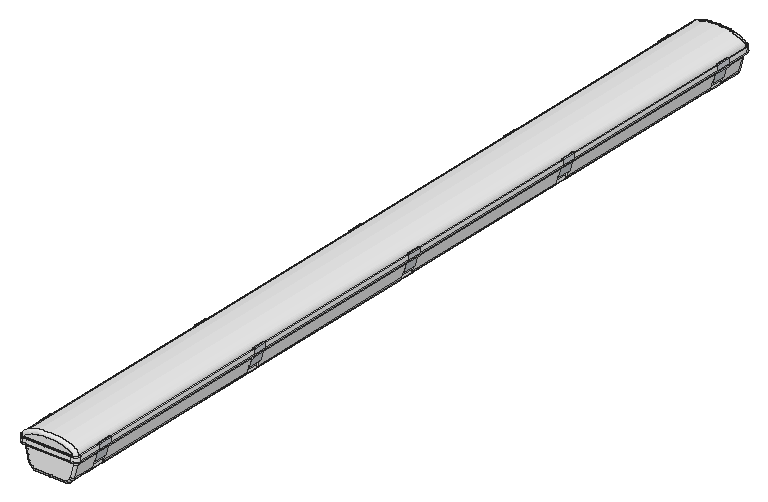
Revit family "0048669_t1500", category Lighting Fixtures, host Face, Revit 2017
Family settings
  Host = Face
  Round Connector Dimension = Use Diameter
  Part Type = Normal
  OmniClass Number = 23.80.70.11.14
  OmniClass Title = General Luminaries, Directional
  Cut with Voids When Loaded = Yes
  Light Source = Yes
  Shared = No
  Room Calculation Point = No
Parameters (values of type "0048669 ST Wtrprf T 1500 HO IP65 8300lm 865QC")
  Width = 110 mm
  Weight = "2.51 kg"
  Wattage Comments = "n/a"
  Wattage = 67 W
  WarrantyStartDate [instance] = "n/a"
  WarrantyGuarantorParts = "n/a"
  WarrantyDurationUnit = "n/a"
  WarrantyDurationParts = "n/a"
  WarrantyDescription = "n/a"
  built-in parameter 1150110 = 1 (stored number, unit not read)
  Voltage = 0 V
  URL = "http://www.sylvania-lighting.com"
  TypeName = "START Waterproof T 1500 HO IP65 8300lm 865 QC"
  Type Image = <None>
  Type Comments = "n/a"
  built-in parameter 1114217 = 1 (stored number, unit not read)
  Tilt Angle = -90.00°
  built-in parameter 1150109 = 1 (stored number, unit not read)
  built-in parameter 1150134 = 1
  built-in parameter 1150113 = 1 (stored number, unit not read)
  SerialNumber [instance] = "n/a"
  ReflectorMaterial = none
  PowerFactor = 0.99
  PowerConsumption = "67 W"
  Photometric Web File = "0048669.ies"
  NominalWidth = 0 mm
  NominalLength = 1578 mm
  NominalHeight = 78 mm
  Name = "START Waterproof T 1500 HO IP65 8300lm 865 QC"
  ModelReference = "START Waterproof T 1500 HO IP65 8300lm 865 QC"
  ModelNumber = "0048669"
  Model = "START Waterproof T 1500 HO IP65 8300lm 865 QC"
  Material = "pc polycarbonate housing, pc polycarbonate diffuser"
  ManufacturerName = "Feilo Sylvania"
  Manufacturer = "Feilo Sylvania"
  LuminousEfficacy = "124 lm/W"
  built-in parameter 1150105 = 661.13 (stored number, unit not read)
  Lumens = 8308 lm
  LuminaireType = ""
  built-in parameter 1150115 = 1 (stored number, unit not read)
  LightOutputRatio = "n/a"
  built-in parameter 1150137 = (empty or 0)
  built-in parameter 1150139 = (empty or 0)
  Length = 1572 mm
  LampsType = Lamp  # "LED"
  LampNominalLuminous = "8300 lm"
  LampMacAdamStep = "5"
  LampColourTemperature = "6500 K"
  LampColourRenderingIndex = "80"
  built-in parameter 1150112 = 1 (stored number, unit not read)
  built-in parameter 1150114 = 1 (stored number, unit not read)
  Lamp = "LED"
  Keynote = "16500"
  InstallationDate [instance] = "n/a"
  InputVoltage = "n/a"
  InputNominalFrequency = "n/a"
  built-in parameter 1150132 = (empty or 0)
  built-in parameter 1150102 = (empty or 0)
  built-in parameter 1150107 = 6500 (stored number, unit not read)
  built-in parameter 1150138 = (empty or 0)
  IngressProtection = "IP65"
  ImpactProtectionIndex = "IK08"
  built-in parameter 1150106 = 6.6113 (stored number, unit not read)
  IfcExportType = "IfcLightFixtureType"
  IfcExportAs = "IfcLightFixtureType"
  ExpectedLife = 50000
  Emit from Rectangle Width = Width - 20 mm  # 90 mm
  Emit from Rectangle Length = Length - 20 mm  # 1552 mm
  Emit Shape Visible in Rendering = no
  ElectricShockClassification = "Class I"
  built-in parameter 1150104 = 11.52 (stored number, unit not read)
  DurationUnit = "hours"
  DocumentationLiterature = "http://www.sylvania-lighting.com/product/en-int/products/0048669"
  DimmingControlOptions = "n/a"
  Dimming Lamp Color Temperature Shift = <None>
  DiffuserMaterial = Diffuser-Sylvania-Transparent
  Description = "Start Waterproof, integrated LED weatherproof luminaire, with UV stabilized flat diffuser and linear prisms designed to achieve uniform lit appearance, optimise light output and to reduce glare, stainless steel diffuser clips and fixing brackets for surface and wall mounting. Polycarbonate housing, Polycarbonate diffuser, 8300lm, 67W, 124 lm/W, 4000 K, drive current 1010 mA, non dimmable, 3 hours emergency, CRI 80, IP65, IK08, Class I, nominal average life (h): 50000, 1578mm x 110mm x 78mm, energy class: A++ A+ A, D-mark"
  Default Elevation = 1219.2 mm
  CreatedOn = "7/11/2019"
  CreatedBy = "@sylvania-lighting.com"
  Cost = 0
  Color Filter = 16777215
  built-in parameter 1114216 [instance] = (empty or 0)
  ClassificationValue = "EF_70_80"
  ClassificationName = "Uniclass2015"
  BodyMaterial = Body-Sylvania-Gray
  BarCode [instance] = "n/a"
  built-in parameter 1114218 = 1 (stored number, unit not read)
  built-in parameter 1150133 = 10 (stored number, unit not read)
  AssetType = "Fixed"
  AssetIdentifier [instance] = "n/a"
  Assembly Code = "D5020200"
  Apparent Load = 67 VA
  AccessoryMaterial = Diffuser-Sylvania-Glow
Reference planes
  plane 1 "Center (Front/Back)": y = 0
  plane 2: z = 0
  plane 3 "Center (Left/Right)": x = 0
  plane 4: z = 54
  plane 5: x = -27.7
  plane 6: x = -34.8
  plane 7: x = -39.6
  plane 8: x = -42.2
  plane 9: z = 3
  plane 10: z = 7.8
  plane 11: z = 12.3
  plane 12: z = 36.6
  plane 13: z = 42.8
  plane 14: x = -51.1
  plane 15: z = 46.2
  plane 16: x = -55
  plane 17: y = 786
  plane 18: y = -786
  plane 19: x = 27.7
  plane 20: x = 34.8
  plane 21: x = 39.6
  plane 22: x = 42.2
  plane 23: x = 51.1
  plane 24: x = 55
  plane 25: y = 778.4
  plane 26: y = -778.4
  plane 27: y = -774.7
  plane 28: y = 774.7
  plane 29: z = 74
  plane 30: x = -51.5
  plane 31: x = 51.5
  plane 32: z = 55.2
  plane 33: y = -782.5
  plane 34: y = 782.5
  plane 35: x = -37.5
  plane 36: x = 37.5
  plane 37: x = -48.7
  plane 38: x = 48.7
  plane 39: x = 18
  plane 40: x = -18
  plane 41: z = 50.2
  plane 42: z = 24.6
  plane 43: y = 720
  plane 44: y = 706
  plane 45: y = 734
  plane 46: y = -720
  plane 47: y = 720
  plane 48: y = 706
  plane 49: y = 734
  plane 50: y = -720
  plane 51: y = -734
  plane 52: y = -706
  plane 53: y = 360
  plane 54: y = 346
  plane 55: y = 374
  plane 56: y = 0
  plane 57: y = -14
  plane 58: y = 14
  plane 59: y = -360
  plane 60: y = -374
  plane 61: y = -346
Forms (mm)
  Sweep 1, solid, material "Body-Sylvania-Gray" <- "BodyMaterial", detail levels medium+fine
    path origin (1223.4, -4572, 54) x (0, -1, 0) y (1, 0, 0)
      loop
        arc (-3796, -1278.4) -> (-3788.929, -1275.471) -> (-3786, -1268.4) r 10
        line (-3786, -1268.4) -> (-3786, -1178.4)
        arc (-3786, -1178.4) -> (-3788.929, -1171.329) -> (-3796, -1168.4) r 10
        line (-3796, -1168.4) -> (-5348, -1168.4)
        arc (-5348, -1168.4) -> (-5355.071, -1171.329) -> (-5358, -1178.4) r 10
        line (-5358, -1178.4) -> (-5358, -1268.4)
        arc (-5358, -1268.4) -> (-5355.071, -1275.471) -> (-5348, -1278.4) r 10
        line (-5348, -1278.4) -> (-3796, -1278.4)
    profile origin (-55, 0, 54) x (-1, 0, 0) y (0, 0, 1)
      loop
        line (0, 0) -> (-1, 0) -> (-1, -7.726)
        arc (-1, -7.726) -> (-1.994, -9.498) -> (-3.9, -10.2) r 2.937
        line (-3.9, -10.2) -> (-8.571, -10.2) -> (-8.571, -11.2) -> (-3.9, -11.2)
        arc (-3.9, -11.2) -> (-1.313, -10.231) -> (0, -7.8) r 3.937
        line (0, -7.8) -> (0, 0)
  Sweep 2, solid, material "Body-Sylvania-Gray" <- "BodyMaterial", detail levels medium+fine
    path origin (0, 0, 0) x (1, 0, 0) y (0, 0, 1)
      loop
        line (48.7, 42.8) -> (48.7, 36.6) -> (42.203, 12.31)
        arc (42.203, 12.31) -> (41.199, 9.884) -> (39.6, 7.8) r 10.052
        line (39.6, 7.8) -> (34.8, 3)
        arc (34.8, 3) -> (31.554, 0.781) -> (27.7, 0) r 9.902
        line (27.7, 0) -> (0, 0) -> (-27.7, 0)
        arc (-27.7, 0) -> (-31.554, 0.781) -> (-34.8, 3) r 9.902
        line (-34.8, 3) -> (-39.6, 7.8)
        arc (-39.6, 7.8) -> (-41.199, 9.884) -> (-42.203, 12.31) r 10.052
        line (-42.203, 12.31) -> (-48.7, 36.6) -> (-48.7, 42.8)
    profile origin (0, 0, 0) x (0, 0, -1) y (0, -1, 0)
      loop
        arc (0, 773.4) -> (-1.464, 776.936) -> (-5, 778.4) r 5
        line (-5, 778.4) -> (-7.8, 778.4) -> (-7.8, -778.4) -> (-5, -778.4)
        arc (-5, -778.4) -> (-1.464, -776.936) -> (0, -773.4) r 5
        line (0, -773.4) -> (0, 773.4)
  Extrusion 3, solid, material "Body-Sylvania-Gray" <- "BodyMaterial", detail levels medium+fine
    sketch origin (1524, 778.4, 1219.2) x (1, 0, 0) y (0, 0, 1)
      loop
        arc (-1558.668, -1204.874) -> (-1558.443, -1205.418) -> (-1558.085, -1205.885) r 2.252
        line (-1558.085, -1205.885) -> (-1553.231, -1210.738)
        arc (-1553.231, -1210.738) -> (-1552.534, -1211.227) -> (-1551.7, -1211.4) r 2.102
        line (-1551.7, -1211.4) -> (-1496.3, -1211.4)
        arc (-1496.3, -1211.4) -> (-1495.466, -1211.227) -> (-1494.769, -1210.738) r 2.102
        line (-1494.769, -1210.738) -> (-1489.915, -1205.885)
        arc (-1489.915, -1205.885) -> (-1489.557, -1205.418) -> (-1489.332, -1204.874) r 2.252
        line (-1489.332, -1204.874) -> (-1483.1, -1181.575) -> (-1483.1, -1176.4) -> (-1564.9, -1176.4) -> (-1564.9, -1181.575) -> (-1558.668, -1204.874)
    from 0 to 1556.8
  Sweep 4, solid, material "Diffuser-Sylvania-Transparent" <- "DiffuserMaterial", detail levels medium+fine
    path origin (0, 0, 0) x (1, 0, 0) y (0, 0, 1)
      loop
        spline (-51.5, 55.2) -> (-49.745, 60.066) -> (-44.6, 64.6) -> (-36.416, 68.494) -> (-25.75, 71.481) -> (-13.329, 73.359) -> (0, 74) -> (13.329, 73.359) -> (25.75, 71.481) -> (36.416, 68.494) -> (44.6, 64.6) -> (49.745, 60.066) -> (51.5, 55.2)
    profile origin (51.5, 0, 55.2) x (0, -1, 0) y (1, 0, 0)
      loop
        arc (782.5, -5.5) -> (780.889, -1.611) -> (777, 0) r 5.5
        line (777, 0) -> (-777, 0)
        arc (-777, 0) -> (-780.889, -1.611) -> (-782.5, -5.5) r 5.5
        line (-782.5, -5.5) -> (-782.5, -6.3) -> (-781.5, -6.3) -> (-781.5, -5.5)
        arc (-781.5, -5.5) -> (-780.182, -2.318) -> (-777, -1) r 4.5
        line (-777, -1) -> (777, -1)
        arc (777, -1) -> (780.182, -2.318) -> (781.5, -5.5) r 4.5
        line (781.5, -5.5) -> (781.5, -6.347) -> (782.5, -6.347) -> (782.5, -5.5)
  Extrusion 5, solid, material "Diffuser-Sylvania-Transparent" <- "DiffuserMaterial", detail levels medium+fine
    sketch origin (1524, -782.5, 1219.2) x (1, 0, 0) y (0, 0, 1)
      loop
        line (-1569.653, -1164) -> (-1478.347, -1164)
        spline (-1478.347, -1164) -> (-1478.969, -1162.594) -> (-1482.527, -1159.545) -> (-1489.588, -1156.201) -> (-1499.458, -1153.445) -> (-1511.242, -1151.663) -> (-1524, -1151.049) -> (-1536.758, -1151.663) -> (-1548.542, -1153.445) -> (-1558.412, -1156.201) -> (-1565.473, -1159.545) -> (-1569.031, -1162.594) -> (-1569.653, -1164)
    from 0 to -1
  Extrusion 6, solid, material "Diffuser-Sylvania-Transparent" <- "DiffuserMaterial", detail levels medium+fine
    sketch origin (1524, 782.5, 1219.2) x (1, 0, 0) y (0, 0, 1)
      loop
        spline (-1478.3, -1164) -> (-1478.931, -1162.565) -> (-1482.502, -1159.505) -> (-1489.572, -1156.155) -> (-1499.446, -1153.394) -> (-1511.236, -1151.614) -> (-1524, -1151.007) -> (-1536.764, -1151.614) -> (-1548.554, -1153.394) -> (-1558.428, -1156.155) -> (-1565.498, -1159.505) -> (-1569.069, -1162.565) -> (-1569.7, -1164)
        line (-1569.7, -1164) -> (-1478.3, -1164)
    from 0 to 1
  Extrusion 7, solid, material "Diffuser-Sylvania-Transparent" <- "DiffuserMaterial", detail levels medium+fine
    sketch origin (1223.4, -4572, 55.2) x (0, -1, 0) y (-1, 0, 0)
      loop
        arc (-5353.5, 1177.4) -> (-5352.182, 1174.218) -> (-5349, 1172.9) r 4.5
        line (-5349, 1172.9) -> (-3795, 1172.9)
        arc (-3795, 1172.9) -> (-3791.818, 1174.218) -> (-3790.5, 1177.4) r 4.5
        line (-3790.5, 1177.4) -> (-3790.5, 1269.4)
        arc (-3790.5, 1269.4) -> (-3791.818, 1272.582) -> (-3795, 1273.9) r 4.5
        line (-3795, 1273.9) -> (-5349, 1273.9)
        arc (-5349, 1273.9) -> (-5352.182, 1272.582) -> (-5353.5, 1269.4) r 4.5
        line (-5353.5, 1269.4) -> (-5353.5, 1177.4)
      loop
        line (-5358, 1268.4) -> (-5358, 1178.4)
        arc (-5358, 1178.4) -> (-5355.071, 1171.329) -> (-5348, 1168.4) r 10
        line (-5348, 1168.4) -> (-3796, 1168.4)
        arc (-3796, 1168.4) -> (-3788.929, 1171.329) -> (-3786, 1178.4) r 10
        line (-3786, 1178.4) -> (-3786, 1268.4)
        arc (-3786, 1268.4) -> (-3788.929, 1275.471) -> (-3796, 1278.4) r 10
        line (-3796, 1278.4) -> (-5348, 1278.4)
        arc (-5348, 1278.4) -> (-5355.071, 1275.471) -> (-5358, 1268.4) r 10
    from 0 to 1.2
  Extrusion 8, solid, material "Diffuser-Sylvania-Glow" <- "AccessoryMaterial", detail levels fine
    sketch origin (0, 0, 0) x (1, 0, 0) y (0, 0, 1)
      loop
        circle (-18, 50.2) r 8
      loop
        circle (18, 50.2) r 8
    from -774.7 to 774.7
  Extrusion 9, void
    sketch origin (0, 720, 2343.807) x (0, 0, -1) y (-1, 0, 0)
      loop
        line (2340.807, -37.5) -> (2331.507, -37.5) -> (2319.207, -42.2) -> (2319.207, -48.7) -> (2340.807, -48.7) -> (2340.807, -37.5)
      loop
        line (2340.807, 37.5) -> (2340.807, 48.7) -> (2319.207, 48.7) -> (2319.207, 42.2) -> (2331.507, 37.5) -> (2340.807, 37.5)
    from -14 to 14
  Extrusion 10, solid, material "Body-Sylvania-Gray" <- "BodyMaterial", detail levels coarse
    sketch origin (0, 0, 0) x (1, 0, 0) y (0, 0, 1)
      loop
        line (55, 42.8) -> (55, 55.2) -> (-55, 55.2) -> (-55, 42.791) -> (-42.2, 0) -> (42.2, 0) -> (55, 42.8)
    from -786 to 786
  Extrusion 11, solid, material "Diffuser-Sylvania-Transparent" <- "DiffuserMaterial", detail levels coarse
    sketch origin (0, 0, 0) x (1, 0, 0) y (0, 0, 1)
      loop
        arc (51.5, 55.2) -> (0, 74) -> (-51.5, 55.2) r 79.939
        line (-51.5, 55.2) -> (51.5, 55.2)
    from 778.4 to -778.4
  Extrusion 12, void, not visible
    sketch origin (0, 720, 2343.807) x (0, 0, -1) y (-1, 0, 0)
      loop
        line (2340.807, -37.5) -> (2331.507, -37.5) -> (2319.207, -42.2) -> (2319.207, -48.7) -> (2340.807, -48.7) -> (2340.807, -37.5)
      loop
        line (2340.807, 37.5) -> (2340.807, 48.7) -> (2319.207, 48.7) -> (2319.207, 42.2) -> (2331.507, 37.5) -> (2340.807, 37.5)
    from -14 to 14
  Extrusion 13, void
    sketch origin (0, -720, 2343.807) x (0, 0, -1) y (-1, 0, 0)
      loop
        line (2340.807, -37.5) -> (2331.507, -37.5) -> (2319.207, -42.2) -> (2319.207, -48.7) -> (2340.807, -48.7) -> (2340.807, -37.5)
      loop
        line (2340.807, 37.5) -> (2340.807, 48.7) -> (2319.207, 48.7) -> (2319.207, 42.2) -> (2331.507, 37.5) -> (2340.807, 37.5)
    from -14 to 14
  Extrusion 14, void
    sketch origin (0, 360, 2343.807) x (0, 0, -1) y (-1, 0, 0)
      loop
        line (2340.807, -37.5) -> (2331.507, -37.5) -> (2319.207, -42.2) -> (2319.207, -48.7) -> (2340.807, -48.7) -> (2340.807, -37.5)
      loop
        line (2340.807, 37.5) -> (2340.807, 48.7) -> (2319.207, 48.7) -> (2319.207, 42.2) -> (2331.507, 37.5) -> (2340.807, 37.5)
    from -14 to 14
  Extrusion 15, void
    sketch origin (0, 0, 2343.807) x (0, 0, -1) y (-1, 0, 0)
      loop
        line (2340.807, -37.5) -> (2331.507, -37.5) -> (2319.207, -42.2) -> (2319.207, -48.7) -> (2340.807, -48.7) -> (2340.807, -37.5)
      loop
        line (2340.807, 37.5) -> (2340.807, 48.7) -> (2319.207, 48.7) -> (2319.207, 42.2) -> (2331.507, 37.5) -> (2340.807, 37.5)
    from -14 to 14
  Extrusion 16, void
    sketch origin (0, -360, 2343.807) x (0, 0, -1) y (-1, 0, 0)
      loop
        line (2340.807, -37.5) -> (2331.507, -37.5) -> (2319.207, -42.2) -> (2319.207, -48.7) -> (2340.807, -48.7) -> (2340.807, -37.5)
      loop
        line (2340.807, 37.5) -> (2340.807, 48.7) -> (2319.207, 48.7) -> (2319.207, 42.2) -> (2331.507, 37.5) -> (2340.807, 37.5)
    from -14 to 14
Cuts and joins
  Extrusion 9, Extrusion 13, Extrusion 14, Extrusion 15, Extrusion 16 cuts Sweep 2
  Extrusion 13, Extrusion 14, Extrusion 15, Extrusion 16 cuts Extrusion 3
  joined: Sweep 2, Extrusion 3
  joined: Sweep 4, Extrusion 5, Extrusion 6
Dimensions and locks
  locked: plane 4 to plane 2 at 54
  plane 5 to plane 6 to plane 7 to plane 8 to plane 14 to plane 16 = 7.1 mm locked, 4.8 mm locked, 2.6 mm locked, 8.9 mm, 3.9 mm
  plane 4 to plane 15 to plane 13 to plane 12 to plane 11 to plane 10 to plane 9 = 7.8 mm locked, 3.4 mm, 6.2 mm locked, 24.3 mm locked, 4.5 mm locked, 4.8 mm locked
  equal spacing: plane 18, plane 1 "Center (Front/Back)", plane 17
  "Length": plane 18 to plane 17
  plane 19 to plane 20 to plane 21 to plane 22 to plane 23 to plane 24 = 7.1 mm locked, 4.8 mm locked, 2.6 mm locked, 8.9 mm, 3.9 mm
  equal spacing: plane 24, plane 3 "Center (Left/Right)", plane 16
  "Width": plane 24 to plane 16
  equal spacing: plane 27, plane 1 "Center (Front/Back)", plane 28
  locked: plane 26 to plane 27 at 3.7
  locked: Sweep 1 sketch curve to profile plane at 1
  locked: Sweep 1 sketch curve to plane 13 at 1
  locked: Sweep 1 sketch curve to plane 13 at 3.937  (x2)
  locked: Sweep 1 sketch curve to profile plane at 3.9  (x2)
  locked: plane 29 to plane 4 at 20
  equal spacing: plane 31, plane 3 "Center (Left/Right)", plane 30
  locked: plane 30 to plane 16 at 3.5
  locked: plane 32 to plane 4 at 1.2
  equal spacing: plane 33, plane 1 "Center (Front/Back)", plane 34
  equal spacing: plane 36, plane 3 "Center (Left/Right)", plane 35
  locked: plane 3 "Center (Left/Right)" to plane 35 at 37.5
  locked: plane 34 to plane 17 at 3.5
  equal spacing: plane 38, plane 3 "Center (Left/Right)", plane 37
  locked: plane 37 to plane 16 at 6.3
  equal spacing: plane 25, plane 1 "Center (Front/Back)", plane 26
  locked: plane 17 to plane 25 at 7.6
  locked: Sweep 2 sketch curve to plane 2 at 5  (x2)
  locked: Sweep 2 sketch curve to plane 26 at 5
  locked: plane 25 to Sweep 2 sketch curve at 5
  locked: Sweep 4 sketch curve to plane 31 at 5.5  (x2)
  locked: Sweep 4 sketch curve to plane 34 at 5.5
  plane 33 to Sweep 4 sketch curve = 5.5 mm
  locked: plane 34 to Sweep 4 sketch curve at 1
  locked: Sweep 4 sketch curve to plane 31 at 1
  locked: Sweep 4 sketch curve to Sweep 4 sketch curve at 1
  locked: Sweep 4 sketch curve to plane 31 at 6.347
  locked: Sweep 4 sketch curve to plane 31 at 6.3
  equal spacing: plane 39, plane 3 "Center (Left/Right)", plane 40
  locked: plane 3 "Center (Left/Right)" to plane 40 at 18
  locked: plane 42 to plane 2 at 24.6
  plane 45 to plane 43 to plane 44 = 14 mm locked, 14 mm locked
  locked: plane 17 to plane 43 at 66
  equal spacing: plane 43, plane 1 "Center (Front/Back)", plane 46
  plane 49 to plane 47 to plane 48 = 14 mm locked, 14 mm locked
  plane 52 to plane 50 to plane 51 = 14 mm locked, 14 mm locked  (x2)
  equal spacing: group 1, group 6, group 7, group 8, group 5  (x2)
  equal spacing: group 5, group 8, group 7, group 6, group 1
  plane 55 to plane 53 to plane 54 = 14 mm locked, 14 mm locked  (x2)
  plane 58 to plane 56 to plane 57 = 14 mm locked, 14 mm locked  (x2)
  plane 61 to plane 59 to plane 60 = 14 mm locked, 14 mm locked  (x2)
  plane 43 to plane 53 to plane 1 "Center (Front/Back)" to plane 59 to plane 50 = 360 mm locked, 360 mm locked, 360 mm locked, 360 mm locked
  aligned and locked: plane 2 to host face
  aligned and locked: level to host face
  aligned and locked: plane 16 to Sweep 1 sketch curve
  aligned and locked: Sweep 1 sketch curve to plane 24
  aligned and locked: plane 18 to Sweep 1 sketch curve
  aligned and locked: Sweep 1 sketch curve to plane 13
  aligned and locked: profile plane to Sweep 1 sketch curve
  aligned and locked: plane 3 "Center (Left/Right)" to Sweep 2 sketch curve
  aligned and locked: plane 9 to Sweep 2 sketch curve
  aligned and locked: plane 10 to Sweep 2 sketch curve
  aligned and locked: plane 37 to Sweep 2 sketch curve
  aligned and locked: plane 12 to Sweep 2 sketch curve
  aligned and locked: Sweep 2 sketch curve to level
  aligned and locked: plane 21 to Sweep 2 sketch curve
  aligned and locked: plane 38 to Sweep 2 sketch curve
  aligned and locked: profile plane to Sweep 2 sketch curve
  aligned and locked: plane 25 to Sweep 2 sketch curve
  aligned and locked: Sweep 2 sketch curve to plane 10
  aligned and locked: Extrusion 3 sketch curve to Sweep 2  (x7)
  aligned and locked: Sweep 2 to Extrusion 3 sketch curve
  aligned and locked: Extrusion 3 to plane 25
  aligned and locked: plane 26 to Extrusion 3
  aligned and locked: plane 32 to Sweep 4 sketch curve
  aligned and locked: plane 33 to Sweep 4 sketch curve
  aligned and locked: Sweep 4 to Extrusion 5
  aligned and locked: plane 33 to Extrusion 5
  aligned and locked: Extrusion 5 sketch curve to Sweep 4
  aligned and locked: cut or joined group of Sweep 4, Extrusion 5, Extrusion 6 to Extrusion 6 sketch curve
  aligned and locked: Extrusion 7 sketch curve to cut or joined group of Sweep 4, Extrusion 5, Extrusion 6  (x2)
  aligned and locked: cut or joined group of Sweep 4, Extrusion 5, Extrusion 6 to Extrusion 7 sketch curve  (x2)
  aligned and locked: plane 41 to Extrusion 8 sketch curve  (x2)
  aligned and locked: plane 39 to Extrusion 8 sketch curve
  aligned and locked: plane 27 to Extrusion 8
  aligned and locked: Extrusion 8 to plane 28
  aligned and locked: Extrusion 9 to plane 42
  aligned and locked: plane 9 to Extrusion 9
  aligned and locked: plane 44 to Extrusion 9
  aligned and locked: Extrusion 9 to plane 45
  aligned and locked: Extrusion 7 sketch curve to Sweep 1  (x4)
  aligned and locked: plane 4 to Extrusion 7
  aligned and locked: Extrusion 7 to plane 32
  aligned and locked: nested 2 to plane 43
  aligned and locked: plane 43 to nested 1
  aligned and locked: Extrusion 10 sketch curve to plane 24
  aligned and locked: Extrusion 10 sketch curve to Extrusion 7
  aligned and locked: plane 8 to Extrusion 10 sketch curve
  aligned and locked: plane 22 to Extrusion 10 sketch curve
  aligned and locked: level to Extrusion 10 sketch curve
  aligned and locked: Extrusion 10 to plane 17
  aligned and locked: plane 18 to Extrusion 10
  aligned and locked: cut or joined group of Sweep 4, Extrusion 5, Extrusion 6 to Extrusion 11 sketch curve
  aligned and locked: Extrusion 11 sketch curve to cut or joined group of Sweep 4, Extrusion 5, Extrusion 6  (x2)
  aligned and locked: plane 31 to Extrusion 11 sketch curve
  aligned and locked: plane 30 to Extrusion 11 sketch curve
  aligned and locked: plane 26 to Extrusion 11
  aligned and locked: Extrusion 11 to plane 25
  aligned and locked: imposter light to plane 29
  aligned and locked: plane 3 "Center (Left/Right)" to imposter light
  aligned and locked: plane 1 "Center (Front/Back)" to imposter light
  aligned and locked: plane 51 to Extrusion 13
  aligned and locked: Extrusion 13 to plane 52
  aligned and locked: plane 54 to Extrusion 14
  aligned and locked: Extrusion 14 to plane 55
  aligned and locked: plane 57 to Extrusion 15
  aligned and locked: Extrusion 15 to plane 58
  aligned and locked: plane 60 to Extrusion 16
  aligned and locked: Extrusion 16 to plane 61
  aligned and locked: nested 3 to plane 53
  aligned and locked: plane 53 to nested 10
  aligned and locked: nested 4 to plane 56
  aligned and locked: plane 56 to nested 9
  aligned and locked: nested 5 to plane 59
  aligned and locked: plane 59 to nested 8
  aligned and locked: nested 6 to plane 50
  aligned and locked: plane 50 to nested 7
Automatic sketch dimensions
  host sketch curve to host sketch curve = 2438.4 mm  (x2)
  plane 17 to Sweep 1 sketch curve = 0 mm
  Sweep 1 sketch curve to plane 28 = 1.3 mm
  Sweep 1 sketch curve to plane 7 = 5.4 mm
  plane 27 to Sweep 1 sketch curve = 1.3 mm  (x2)
  Sweep 1 sketch curve to Sweep 1 sketch curve = 4.671 mm
  Sweep 1 sketch curve to plane 4 = 0 mm
  Sweep 2 sketch curve to plane 7 = 0 mm
  Sweep 2 sketch curve to plane 6 = 0 mm
  Sweep 2 sketch curve to plane 5 = 0 mm
  plane 19 to Sweep 2 sketch curve = 0 mm
  Sweep 2 sketch curve to plane 9 = 0 mm
  plane 20 to Sweep 2 sketch curve = 0 mm
  Sweep 2 sketch curve to plane 12 = 0 mm
  Sweep 2 sketch curve to plane 10 = 0 mm
  Sweep 2 sketch curve to plane 13 = 0 mm  (x2)
  Sweep 2 sketch curve to plane 8 = 0.003 mm
  plane 6 to Sweep 2 sketch curve = 2.308 mm
  plane 20 to Sweep 2 sketch curve = 2.308 mm
  Sweep 2 sketch curve to plane 22 = 0.003 mm
  Sweep 2 sketch curve to plane 11 = 0.01 mm  (x2)
  Extrusion 3 sketch curve to plane 5 = 0 mm
  plane 19 to Extrusion 3 sketch curve = 0 mm
  plane 6 to Extrusion 3 sketch curve = 0.132 mm
  plane 6 to Extrusion 3 sketch curve = 0.715 mm
  Extrusion 3 sketch curve to Extrusion 3 sketch curve = 1.592 mm
  Extrusion 3 sketch curve to plane 10 = 0.662 mm  (x2)
  plane 20 to Extrusion 3 sketch curve = 2.308 mm
  plane 20 to Extrusion 3 sketch curve = 0.715 mm
  plane 20 to Extrusion 3 sketch curve = 0.132 mm
  Sweep 4 sketch curve to plane 30 = 0 mm
  Sweep 4 sketch curve to plane 3 "Center (Left/Right)" = 0 mm
  Sweep 4 sketch curve to Sweep 4 sketch curve = 0 mm  (x2)
  plane 37 to Extrusion 5 sketch curve = 3.047 mm
  Extrusion 5 sketch curve to plane 38 = 3.047 mm
  plane 37 to Extrusion 6 sketch curve = 3 mm
  Extrusion 6 sketch curve to plane 38 = 3 mm
  plane 25 to Extrusion 7 sketch curve = 1.4 mm  (x2)
  Extrusion 7 sketch curve to plane 26 = 1.4 mm  (x2)
  Extrusion 8 sketch curve to plane 40 = 0 mm
  Extrusion 9 sketch curve to Extrusion 9 sketch curve = 0 mm
  Extrusion 9 sketch curve to Extrusion 9 sketch curve = 12.3 mm  (x2)
  Extrusion 9 sketch curve to Extrusion 9 sketch curve = 9.3 mm  (x2)
  Extrusion 9 sketch curve to Extrusion 9 sketch curve = 6.5 mm
  Extrusion 9 sketch curve to Extrusion 9 sketch curve = 4.7 mm  (x2)
  Extrusion 9 sketch curve to Extrusion 9 sketch curve = 75 mm
  Extrusion 9 sketch curve to Extrusion 9 sketch curve = 11.2 mm
  Extrusion 10 sketch curve to plane 13 = 0 mm
  plane 13 to Extrusion 10 sketch curve = 0.009 mm
  Extrusion 11 sketch curve to level = 5.939 mm
  Extrusion 10 sketch curve to plane 16 = 0 mm
  Extrusion 12 sketch curve to Extrusion 12 sketch curve = 0 mm
  Extrusion 12 sketch curve to Extrusion 12 sketch curve = 12.3 mm  (x2)
  Extrusion 12 sketch curve to Extrusion 12 sketch curve = 9.3 mm  (x2)
  Extrusion 12 sketch curve to Extrusion 12 sketch curve = 6.5 mm
  Extrusion 12 sketch curve to Extrusion 12 sketch curve = 4.7 mm  (x2)
  Extrusion 12 sketch curve to Extrusion 12 sketch curve = 75 mm
  Extrusion 12 sketch curve to Extrusion 12 sketch curve = 11.2 mm
  Extrusion 13 sketch curve to Extrusion 13 sketch curve = 0 mm
  Extrusion 13 sketch curve to Extrusion 13 sketch curve = 12.3 mm  (x2)
  Extrusion 13 sketch curve to Extrusion 13 sketch curve = 9.3 mm  (x2)
  Extrusion 13 sketch curve to Extrusion 13 sketch curve = 6.5 mm
  Extrusion 13 sketch curve to Extrusion 13 sketch curve = 4.7 mm  (x2)
  Extrusion 13 sketch curve to Extrusion 13 sketch curve = 75 mm
  Extrusion 13 sketch curve to Extrusion 13 sketch curve = 11.2 mm
  Extrusion 14 sketch curve to Extrusion 14 sketch curve = 0 mm
  Extrusion 14 sketch curve to Extrusion 14 sketch curve = 12.3 mm  (x2)
  Extrusion 14 sketch curve to Extrusion 14 sketch curve = 9.3 mm  (x2)
  Extrusion 14 sketch curve to Extrusion 14 sketch curve = 6.5 mm
  Extrusion 14 sketch curve to Extrusion 14 sketch curve = 4.7 mm  (x2)
  Extrusion 14 sketch curve to Extrusion 14 sketch curve = 75 mm
  Extrusion 14 sketch curve to Extrusion 14 sketch curve = 11.2 mm
  Extrusion 15 sketch curve to Extrusion 15 sketch curve = 0 mm
  Extrusion 15 sketch curve to Extrusion 15 sketch curve = 12.3 mm  (x2)
  Extrusion 15 sketch curve to Extrusion 15 sketch curve = 9.3 mm  (x2)
  Extrusion 15 sketch curve to Extrusion 15 sketch curve = 6.5 mm
  Extrusion 15 sketch curve to Extrusion 15 sketch curve = 4.7 mm  (x2)
  Extrusion 15 sketch curve to Extrusion 15 sketch curve = 75 mm
  Extrusion 15 sketch curve to Extrusion 15 sketch curve = 11.2 mm
  Extrusion 16 sketch curve to Extrusion 16 sketch curve = 0 mm
  Extrusion 16 sketch curve to Extrusion 16 sketch curve = 12.3 mm  (x2)
  Extrusion 16 sketch curve to Extrusion 16 sketch curve = 9.3 mm  (x2)
  Extrusion 16 sketch curve to Extrusion 16 sketch curve = 6.5 mm
  Extrusion 16 sketch curve to Extrusion 16 sketch curve = 4.7 mm  (x2)
  Extrusion 16 sketch curve to Extrusion 16 sketch curve = 75 mm
  Extrusion 16 sketch curve to Extrusion 16 sketch curve = 11.2 mm
  radius of Extrusion 8 sketch curve = 8 mm  (x2)
Nested families
  nested 1: "Clip" at (42.2, 720, 24.6), type "Clip", detail levels fine
  nested 2: "Clip" at (-42.2, 720, 24.6) x (-1, 0, 0) z (0, 0, 1), type "Clip", detail levels fine
  nested 3: "Clip" at (-42.2, 360, 24.6) x (-1, 0, 0) z (0, 0, 1), type "Clip", detail levels fine
  nested 4: "Clip" at (-42.2, 0, 24.6) x (-1, 0, 0) z (0, 0, 1), type "Clip", detail levels fine
  nested 5: "Clip" at (-42.2, -360, 24.6) x (-1, 0, 0) z (0, 0, 1), type "Clip", detail levels fine
  nested 6: "Clip" at (-42.2, -720, 24.6) x (-1, 0, 0) z (0, 0, 1), type "Clip", detail levels fine
  nested 7: "Clip" at (42.2, -720, 24.6), type "Clip", detail levels fine
  nested 8: "Clip" at (42.2, -360, 24.6), type "Clip", detail levels fine
  nested 9: "Clip" at (42.2, 0, 24.6), type "Clip", detail levels fine
  nested 10: "Clip" at (42.2, 360, 24.6), type "Clip", detail levels fine
Connectors
  electrical at (0, 0, 0), driven by "Apparent Load"
    settings: index 1, voltage 230 V, apparent load 67 VA, apparent load phase1 0 VA, apparent load phase2 0 VA, apparent load phase3 0 VA, power factor 0, load classification "Lighting", number of poles 1, system type 30, power factor state 1, is connector primary yes, connector utility no, sub classification motor no, connector description ""
Definition of nested family "Clip"
  Parameters (values of type "Clip")
    URL = "http://www.feilosylvania.com"
    Type Comments = "n/a"
    Model = "n/a"
    Manufacturer = "Feilo Sylvania"
    Keynote = "n/a"
    Description = "n/a"
    Default Elevation = 1219.2 mm
    Cost = 0
    BodyMaterial = none
    Assembly Code = "n/a"
  Reference planes
    plane 1 "Center (Front/Back)": y = 0
    plane 2: z = 0
    plane 3 "Center (Left/Right)": x = 0
    plane 4: x = 3.3
    plane 5: x = 6.5
    plane 6: x = 8.9
    plane 7: x = 12.8
    plane 8: z = 12
    plane 9: z = 18.2
    plane 10: z = 21.6
    plane 11: z = 30.6
    plane 12: x = 9.3
    plane 13: z = 19.2
    plane 14: z = 16.2
    plane 15: x = 10.1
    plane 16: y = 12
    plane 17: y = -12
  Forms (mm)
    Extrusion 1, solid
      sketch origin (-0.8, 0, 0) x (1, 0, 0) y (0, 1, 0)
        loop
          line (-1219.2, 1219.2) -> (-1219.2, -1219.2) -> (1219.2, -1219.2) -> (1219.2, 1219.2) -> (-1219.2, 1219.2)
      from 0 to -304.8
    Extrusion 2, solid
      sketch origin (0, 0, 0) x (1, 0, 0) y (0, 0, 1)
        loop
          line (8.9, 16.2) -> (4.58, 0) -> (0, 0) -> (0, -0.8) -> (5.195, -0.8) -> (9.603, 15.731) -> (13.6, 18.806) -> (13.6, 30.6)
          arc (13.6, 30.6) -> (11.45, 32.75) -> (9.3, 30.6) r 2.15
          line (9.3, 30.6) -> (10.1, 30.6)
          arc (10.1, 30.6) -> (11.45, 31.95) -> (12.8, 30.6) r 1.35
          line (12.8, 30.6) -> (12.8, 19.2) -> (8.9, 16.2)
      from -12 to 12
  Lines and regions (mm)
    reference lines
      curve 1: line (3.3, 0, 0) -> (6.5, 0, 12)
      curve 2: arc (8.9, 0, 18.2) -> (11.488, 0, 19.169) -> (12.8, 0, 21.6) r 3.934
  Dimensions and locks
    plane 7 to plane 6 to plane 5 to plane 4 to plane 3 "Center (Left/Right)" = 3.9 mm locked, 2.4 mm locked, 3.2 mm locked, 3.3 mm locked
    plane 11 to plane 10 to plane 9 to plane 8 to plane 2 = 9 mm locked, 3.4 mm locked, 6.2 mm locked, 12 mm locked
    locked: plane 7 to plane 12 at 3.5
    locked: plane 13 to plane 9 at 1
    locked: plane 9 to plane 14 at 2
    locked: plane 15 to plane 12 at 0.8
    locked: plane 2 to Extrusion 2 sketch curve at 0.8
    locked: Extrusion 2 sketch curve to Extrusion 2 sketch curve at 0.8  (x3)
    locked: plane 7 to Extrusion 2 sketch curve at 1.35
    equal spacing: plane 17, plane 1 "Center (Front/Back)", plane 16
    locked: plane 1 "Center (Front/Back)" to plane 16 at 12
    aligned and locked: plane 2 to Extrusion 1
    aligned and locked: level to Extrusion 1
    aligned and locked: plane 4 to curve 1
    aligned and locked: plane 5 to curve 1
    aligned and locked: plane 6 to curve 2
    aligned and locked: plane 10 to curve 2
    aligned and locked: plane 14 to Extrusion 2 sketch curve
    aligned and locked: plane 13 to Extrusion 2 sketch curve
    aligned and locked: plane 7 to Extrusion 2 sketch curve
    aligned and locked: plane 3 "Center (Left/Right)" to Extrusion 2 sketch curve
    aligned and locked: Extrusion 2 sketch curve to level
    aligned and locked: Extrusion 2 sketch curve to plane 11
    aligned and locked: plane 11 to Extrusion 2 sketch curve
    aligned and locked: Extrusion 2 to plane 16
    aligned and locked: plane 17 to Extrusion 2
  Automatic sketch dimensions
    Extrusion 1 sketch curve to Extrusion 1 sketch curve = 2438.4 mm  (x2)
    curve 2 to plane 7 = 0 mm
    curve 1 to level = 0 mm
    curve 1 to plane 8 = 0 mm
    curve 2 to plane 9 = 0 mm
    plane 6 to curve 2 = 0.002 mm
    Extrusion 2 sketch curve to Extrusion 2 sketch curve = 0 mm
    Extrusion 2 sketch curve to plane 6 = 0 mm
    plane 4 to Extrusion 2 sketch curve = 1.28 mm
